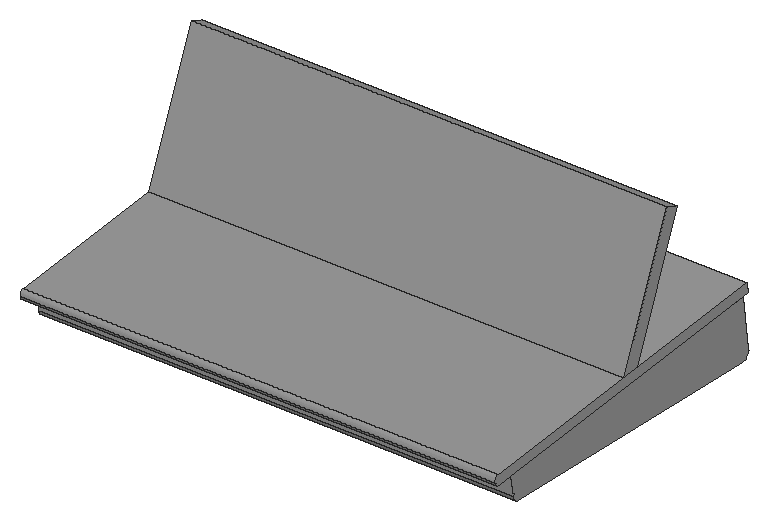
Revit family "EOS Ti", category Electrical Equipment, Revit 2018
Family settings
  Panel Configuration = Two Columns, Circuits Across
  Round Connector Dimension = Use Diameter
  Part Type = Panelboard
  OmniClass Number = 23.80.30.11.17
  OmniClass Title = Distribution Boards and Control Panels
  Work Plane-Based = No
  Always vertical = Yes
  Cut with Voids When Loaded = No
  Shared = No
  Room Calculation Point = No
Parameters (values of type "24000 OUTPUTS")
  Wattage = "50/60Hz"
  Voltage = "100-240V"
  URL = "https://www.etcconnect.com/WorkArea/DownloadAsset.aspx?id=10737481191"
  Type Comments = "See product datasheet for dimensions and specifications"
  Model = "EOS Ti"
  Material = "Aluminum"
  Manufacturer = "ETC, Inc."
  Fixture Part Number = "4350A1030-US"
  Designer = "Cfellin"
  Design Status = "1"
  Description = "EOS Ti 24000 OUTPUT"
  Date Created = "2/16/2021"
  Cost = 0
Types (3): name | Fixture Part Number | Description
  (no name) | "4350A1030-US" | "EOS Ti 24000 OUTPUT"
  4000 OUTPUTS | "4350A1010-US" | "EOS Ti 4000 OUTPUT"
  24000 OUTPUTS | "4350A1030-US" | "EOS Ti 24000 OUTPUT"
Reference planes (in)
  plane 1 "Center (Front/Back)": y = 0
  plane 2: z = 0
  plane 3 "Center (Left/Right)": x = 0
Forms (in)
  Extrusion 1, solid, material "Aluminum"
    sketch origin (0, 0, 0.39) x (0, 1, 0) y (0, 0, 1)
      loop
        arc (11.2235, 0) -> (11.73293, 0.23216) -> (11.89193, 0.76894) r 0.675
        line (11.89193, 0.76894) -> (11.30581, 4.93945) -> (-12.75006, 2.14981) -> (-12.51144, 0.45193)
        arc (-12.51144, 0.45193) -> (-12.33598, 0.12878) -> (-11.99155, 0) r 0.525
        line (-11.99155, 0) -> (11.2235, 0)
    from -19.75 to 19.75
  Extrusion 2, solid, material "Aluminum"
    sketch origin (-19.75, 0, 0.39) x (0, -1, 0) y (0, 0, 1)
      loop
        line (-11.80248, 4.99705) -> (12.75006, 2.14981) -> (13.9838, 2.00674)
        arc (13.9838, 2.00674) -> (14.27826, 2.09054) -> (14.42722, 2.358) r 0.4
        arc (14.42722, 2.358) -> (14.34342, 2.65246) -> (14.07596, 2.80142) r 0.4
        line (14.07596, 2.80142) -> (-11.69111, 5.7895) -> (-11.80248, 4.99705)
    from 0 to -39.5
  Extrusion 3, solid, material "Aluminum"
    sketch origin (-19.75, 0, 0.39) x (0, -1, 0) y (0, 0, 1)
      loop
        line (-0.28374, 4.46664) -> (1.05644, 4.31123) -> (-3.38787, 15.10182) -> (-4.47895, 14.65244) -> (-0.28374, 4.46664)
    from 0 to -39.5
  Extrusion 4, solid, material "Aluminum"
    sketch origin (0, 12, 0.39) x (-1, 0, 0) y (0, 1, 0)
      loop
        circle (17.44219, -3.87419) r 1
      loop
        circle (17.44219, -14.50419) r 1
      loop
        circle (17.44219, -21.75419) r 1
    from 0 to 0.39063
  Extrusion 5, solid, material "Aluminum"
    sketch origin (0, 12, 0.39) x (-1, 0, 0) y (0, 1, 0)
      loop
        circle (-17.44219, -3.87419) r 1
      loop
        circle (-17.44219, -14.50419) r 1
      loop
        circle (-17.44219, -21.75419) r 1
    from 0 to 0.39063
  Extrusion 6, solid, material "Aluminum"
    sketch origin (17.44219, 12, 0.39) x (-1, 0, 0) y (0, 1, 0)
      loop
        circle (17.44219, -3.87419) r 1
      loop
        circle (17.44219, -14.50419) r 1
      loop
        circle (17.44219, -21.75419) r 1
    from 0 to 0.39063
Lines and regions (in)
  model lines
    curve 1: line (-18.75, 3.19745, 15.0295) -> (-18.75, -0.86602, 5.16355)
    curve 2: line (-2, 3.19745, 15.0295) -> (-18.75, 3.19745, 15.0295)
    curve 3: line (-2, -0.86602, 5.16355) -> (-2, 3.19745, 15.0295)
    curve 4: line (-18.75, -0.86602, 5.16355) -> (-2, -0.86602, 5.16355)
    curve 5: line (2, 3.19745, 15.0295) -> (2, -0.86602, 5.16355)
    curve 6: line (18.75, 3.19745, 15.0295) -> (2, 3.19745, 15.0295)
    curve 7: line (18.75, -0.86602, 5.16355) -> (18.75, 3.19745, 15.0295)
    curve 8: line (2, -0.86602, 5.16355) -> (18.75, -0.86602, 5.16355)
Dimensions and locks (in)
  Extrusion 1 sketch curve to Extrusion 1 sketch curve = 0' - 1.71457"
  Extrusion 1 sketch curve to Extrusion 1 sketch curve = 0' - 4.2115"
  locked: Extrusion 3 sketch curve to Extrusion 3 sketch curve at 1.18
  locked: Extrusion 3 sketch curve to Extrusion 3 sketch curve at 11.67
  Extrusion 1 to Extrusion 4 sketch curve = 0' - 3.18"
  Extrusion 1 sketch curve to Extrusion 1 sketch curve = 2' - 0.21"
  locked: Extrusion 1 to Extrusion 2 sketch curve at 0.49985
  Extrusion 2 sketch curve to Extrusion 1 = 0' - 1.63186"
  angle Extrusion 1 sketch curve to Extrusion 1 sketch curve = 82.00°
  angle Extrusion 1 sketch curve to Extrusion 1 sketch curve = 98.00°
  aligned and locked: level to plane 2
  aligned and locked: curve 6 to curve 2
  aligned and locked: curve 4 to curve 8
